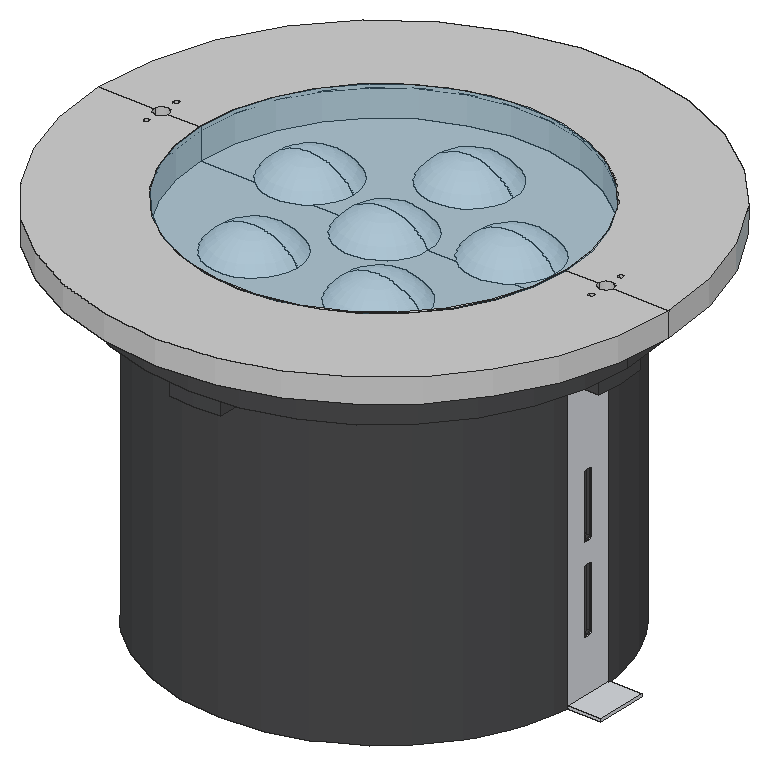
Revit family "INGROUND 18W SIMETRICA_EM18SW.1.9", category Luminarias, Revit 2019
Family settings
  Cota de conector redondo = Diámetro de uso
  Tipo de pieza = Normal
  Se basa en plano de trabajo = Sí
  Siempre vertical = No
  Corte con vacíos al cargar = No
  Origen de luz = Sí
  Compartido = No
  Punto de cálculo de habitación = No
Parameters (values of type "EMP_EM18SW.1.9")
  Ángulo de inclinación = 105.00°
  Zone [instance] = ""
  Watt per fixture = 18.6
  Wattage = 18.6 W
  built-in parameter 1150107 = 3000 (stored number, unit not read)
  built-in parameter 1150110 = 1 (stored number, unit not read)
  built-in parameter 1150109 = 1 (stored number, unit not read)
  built-in parameter 1150112 = 1 (stored number, unit not read)
  built-in parameter 1150113 = 1 (stored number, unit not read)
  built-in parameter 1114218 = 1 (stored number, unit not read)
  Keynote = ""
  built-in parameter 1150137 = (empty or 0)
  built-in parameter 1150132 = (empty or 0)
  Modelo = "EM18SW.1.9"
  Lámpara = "NICHIA"
  built-in parameter 1150105 = 127.72 (stored number, unit not read)
  built-in parameter 1150102 = (empty or 0)
  built-in parameter 1150106 = 1.2772 (stored number, unit not read)
  Lumens = 1604.99 lm
  Color Filter = 16777215
  built-in parameter 1114217 = 1 (stored number, unit not read)
  built-in parameter 1150139 = (empty or 0)
  Fabricante = "BRILLANT"
  Default Elevation = 0 mm
  built-in parameter 1150104 = 8.0166 (stored number, unit not read)
  Descripción = "LUMINARIA TIPO CIRCULAR PARA EMPOTRAR EN PISO CON CUERPO DE ALUMINIO FUNDIDO A PRESION CUBIERTO CON POLVO GRIS OSCURO, CON CUBIERTA DE ACERO INOXIDABLE Y VIDRIO TEMPLADO DE 8MM, HOUSING TIPO ABS DE 171.5MM DE DIAMETRO Y 123.6MM DE PROFUNDO. CUENTA CON 6 LED TIPO NICHIA CON UNA POTENCIA TOTAL DE 18.6W, A UNA TEMPERATURA EN BLANCO CALIDO 3000K CON 1605 LUMENES, 156mA EN CORRIENTE DE OPERACIÓN, IP67, IK09, IRC 80, DISPONIBLE PARA ATENUAR EN TRIAC (OPCIONAL), APERTURA EN 9 GRADOS POR PROYECTO, ALIMENTADA A 100-277V"
  built-in parameter 1150115 = 1 (stored number, unit not read)
  built-in parameter 1150114 = 1 (stored number, unit not read)
  Comentarios de vataje = "100-277V"
  built-in parameter 1150138 = (empty or 0)
  built-in parameter 1150134 = (empty or 0)
  Circuit [instance] = ""
  Dimming Lamp Color Temperature Shift = (empty or 0)
  Archivo de red fotométrica = "EM18SW.1.ies"
  built-in parameter 1150133 = 10 (stored number, unit not read)
Reference planes
  plane 1 "Centro (Frontal/Posterior)": y = 0
  plane 2: z = 0
  plane 3 "Centro (Izquierda/Derecha)": x = 0
  plane 4: z = -123.6
  plane 5: x = -653.678
  plane 6: x = 600
  plane 7: x = -90
  plane 8: x = 90
  plane 9: x = -78
  plane 10: x = 78
Forms (mm)
  Revolve 1, solid, material "Acero Inoxidable"
    sketch origin (0, 0, 0) x (1, 0, 0) y (0, 0, 1)
      loop
        line (-64.334, 7.629) -> (-100, 7.629) -> (-100, -0.88) -> (-72.479, -0.88) -> (-72.479, -12.767) -> (-57.479, -12.767) -> (-57.479, -60) -> (0, -60) -> (0, -3.134) -> (-64.334, -3.134) -> (-64.334, 7.629)
      axis (0, 7.629) -> (0, -60)
    angle from 0 to 360
  Extrusion 2, solid, material "Cristal"
    sketch origin (0, 0, 0) x (1, 0, 0) y (0, 1, 0)
      loop
        circle (0, 0) r 64.334
    from 6.498 to 7.824
  Extrusion 3, solid, material "Plastico"
    sketch origin (0, 0, 0) x (1, 0, 0) y (0, 1, 0)
      loop
        circle (0, 0) r 10
    from -75.376 to -67.99
  Extrusion 4, solid, material "Cobre"
    sketch origin (0, 0, 0) x (1, 0, 0) y (0, 1, 0)
      loop
        line (12.101, 0) -> (6.051, 10.48) -> (-6.051, 10.48) -> (-12.101, 0) -> (-6.051, -10.48) -> (6.051, -10.48) -> (12.101, 0)
    from -67.99 to -60
  Revolve 5, solid, material "Plastico"
    sketch origin (0, 0, 0) x (1, 0, 0) y (0, 0, 1)
      loop
        line (-85.75, -0.88) -> (-85.75, -15.267) -> (-72.423, -15.267) -> (-72.423, -123.6) -> (0, -123.6) -> (0, -121.1) -> (-69.88, -121.1) -> (-69.88, -12.767) -> (-83.293, -12.767) -> (-83.293, -0.88) -> (-85.75, -0.88)
      axis (0, -0.88) -> (0, -123.6)
    angle from 0 to 360
  Extrusion 6, solid, material "Plastico"
    sketch origin (0, 0, 0) x (1, 0, 0) y (0, 1, 0)
      loop
        line (-9, -71.918) -> (-9, -82.576)
        arc (-9, -82.576) -> (-0.003, -83.209) -> (9, -82.666) r 69.169
        line (9, -82.666) -> (9, -71.918)
        arc (9, -71.918) -> (0, -72.479) -> (-9, -71.918) r 72.479
      loop
        arc (-9, 71.918) -> (0, 72.479) -> (9, 71.918) r 72.479
        line (9, 71.918) -> (9, 82.666)
        arc (9, 82.666) -> (-0.003, 83.209) -> (-9, 82.576) r 69.169
        line (-9, 82.576) -> (-9, 71.918)
      loop
        line (71.917, -8.997) -> (82.575, -8.997)
        arc (82.575, -8.997) -> (83.209, 0) -> (82.666, 9.003) r 69.169
        line (82.666, 9.003) -> (71.917, 9.003)
        arc (71.917, 9.003) -> (72.478, 0.003) -> (71.917, -8.997) r 72.479
      loop
        arc (-71.917, -8.997) -> (-72.478, 0.003) -> (-71.917, 9.003) r 72.479
        line (-71.917, 9.003) -> (-82.666, 9.003)
        arc (-82.666, 9.003) -> (-83.209, 0) -> (-82.575, -8.997) r 69.169
        line (-82.575, -8.997) -> (-71.917, -8.997)
    from -21.197 to -15.267
  Extrusion 7, void
    sketch origin (0, 0, 0) x (1, 0, 0) y (0, 1, 0)
      loop
        line (-74.25, 9.003) -> (-74.25, -8.997) -> (-70.806, -8.997) -> (-70.806, 9.003) -> (-74.25, 9.003)
      loop
        line (74.25, 9.003) -> (70.806, 9.003) -> (70.806, -8.997) -> (74.25, -8.997) -> (74.25, 9.003)
    from -123.6 to -21.197
  Extrusion 8, void
    sketch origin (0, 0, 0) x (1, 0, 0) y (0, 1, 0)
      loop
        circle (-78, 6.504) r 0.895
      loop
        circle (-78, 0) r 2.557
      loop
        circle (-78, -6.504) r 0.895
      loop
        circle (78, 6.504) r 0.895
      loop
        circle (78, 0) r 2.557
      loop
        circle (78, -6.504) r 0.895
    from -3.838 to 7.824
  Revolve 9, solid
    sketch origin (31.265, 37.192, -3.091) x (-1, 0, 0) y (0, 0, 1)
      loop
        line (31.083, 0) -> (46.481, 0)
        arc (46.481, 0) -> (39.824, 6.053) -> (31.083, 8.187) r 18.242
        line (31.083, 8.187) -> (31.083, 0)
      axis (31.083, 8.187) -> (31.083, 0)
    angle from 0 to 360
  Extrusion 10, solid
    sketch origin (0, 0, 0) x (1, 0, 0) y (0, 0, 1)
      loop
        line (-70.806, -21.197) -> (-71.606, -21.197) -> (-71.606, -122.8) -> (-83.232, -122.8) -> (-83.232, -123.6) -> (-70.806, -123.6) -> (-70.806, -21.197)
      loop
        line (70.806, -21.197) -> (70.806, -123.6) -> (83.232, -123.6) -> (83.232, -122.8) -> (71.606, -122.8) -> (71.606, -21.197) -> (70.806, -21.197)
    from -9.003 to 8.997
  Extrusion 11, void
    sketch origin (0, 0, 0) x (0, 1, 0) y (0, 0, 1)
      loop
        line (1.004, -51.93) -> (-1.004, -51.93)
        arc (-1.004, -51.93) -> (-1.62, -52.185) -> (-1.875, -52.801) r 0.871
        line (-1.875, -52.801) -> (-1.875, -73.895)
        arc (-1.875, -73.895) -> (-1.62, -74.511) -> (-1.004, -74.766) r 0.871
        line (-1.004, -74.766) -> (1.004, -74.766)
        arc (1.004, -74.766) -> (1.62, -74.511) -> (1.875, -73.895) r 0.871
        line (1.875, -73.895) -> (1.875, -52.801)
        arc (1.875, -52.801) -> (1.62, -52.185) -> (1.004, -51.93) r 0.871
      loop
        line (1.004, -81.93) -> (-1.004, -81.93)
        arc (-1.004, -81.93) -> (-1.62, -82.185) -> (-1.875, -82.801) r 0.871
        line (-1.875, -82.801) -> (-1.875, -103.895)
        arc (-1.875, -103.895) -> (-1.62, -104.511) -> (-1.004, -104.766) r 0.871
        line (-1.004, -104.766) -> (1.004, -104.766)
        arc (1.004, -104.766) -> (1.62, -104.511) -> (1.875, -103.895) r 0.871
        line (1.875, -103.895) -> (1.875, -82.801)
        arc (1.875, -82.801) -> (1.62, -82.185) -> (1.004, -81.93) r 0.871
    from -74.158 to -68.356
  Extrusion 12, void
    sketch origin (0, 0, 0) x (0, 1, 0) y (0, 0, -1)
      loop
        arc (1.004, 51.93) -> (1.62, 52.185) -> (1.875, 52.801) r 0.871
        line (1.875, 52.801) -> (1.875, 73.895)
        arc (1.875, 73.895) -> (1.62, 74.511) -> (1.004, 74.766) r 0.871
        line (1.004, 74.766) -> (-1.004, 74.766)
        arc (-1.004, 74.766) -> (-1.62, 74.511) -> (-1.875, 73.895) r 0.871
        line (-1.875, 73.895) -> (-1.875, 52.801)
        arc (-1.875, 52.801) -> (-1.62, 52.185) -> (-1.004, 51.93) r 0.871
        line (-1.004, 51.93) -> (1.004, 51.93)
      loop
        arc (1.004, 81.93) -> (1.62, 82.185) -> (1.875, 82.801) r 0.871
        line (1.875, 82.801) -> (1.875, 103.895)
        arc (1.875, 103.895) -> (1.62, 104.511) -> (1.004, 104.766) r 0.871
        line (1.004, 104.766) -> (-1.004, 104.766)
        arc (-1.004, 104.766) -> (-1.62, 104.511) -> (-1.875, 103.895) r 0.871
        line (-1.875, 103.895) -> (-1.875, 82.801)
        arc (-1.875, 82.801) -> (-1.62, 82.185) -> (-1.004, 81.93) r 0.871
        line (-1.004, 81.93) -> (1.004, 81.93)
    from -74.158 to -68.356
  Revolve 13, solid
    sketch origin (66.637, 11.493, -3.091) x (-1, 0, 0) y (0, 0, 1)
      loop
        line (31.083, 0) -> (46.481, 0)
        arc (46.481, 0) -> (39.824, 6.053) -> (31.083, 8.187) r 18.242
        line (31.083, 8.187) -> (31.083, 0)
      axis (31.083, 8.187) -> (31.083, 0)
    angle from 0 to 360
  Revolve 14, solid
    sketch origin (53.126, -30.089, -3.091) x (-1, 0, 0) y (0, 0, 1)
      loop
        line (31.083, 0) -> (46.481, 0)
        arc (46.481, 0) -> (39.824, 6.053) -> (31.083, 8.187) r 18.242
        line (31.083, 8.187) -> (31.083, 0)
      axis (31.083, 8.187) -> (31.083, 0)
    angle from 0 to 360
  Revolve 15, solid
    sketch origin (9.405, -30.089, -3.091) x (-1, 0, 0) y (0, 0, 1)
      loop
        line (31.083, 0) -> (46.481, 0)
        arc (46.481, 0) -> (39.824, 6.053) -> (31.083, 8.187) r 18.242
        line (31.083, 8.187) -> (31.083, 0)
      axis (31.083, 8.187) -> (31.083, 0)
    angle from 0 to 360
  Revolve 16, solid
    sketch origin (-4.106, 11.493, -3.091) x (-1, 0, 0) y (0, 0, 1)
      loop
        line (31.083, 0) -> (46.481, 0)
        arc (46.481, 0) -> (39.824, 6.053) -> (31.083, 8.187) r 18.242
        line (31.083, 8.187) -> (31.083, 0)
      axis (31.083, 8.187) -> (31.083, 0)
    angle from 0 to 360
  Revolve 17, solid
    sketch origin (31.265, 0, -3.091) x (-1, 0, 0) y (0, 0, 1)
      loop
        line (31.083, 0) -> (46.481, 0)
        arc (46.481, 0) -> (39.824, 6.053) -> (31.083, 8.187) r 18.242
        line (31.083, 8.187) -> (31.083, 0)
      axis (31.083, 8.187) -> (31.083, 0)
    angle from 0 to 360
Cuts and joins
  Extrusion 7, Extrusion 12 cuts Revolve 5
  Extrusion 7, Extrusion 8, Extrusion 11 cuts Revolve 1
  Extrusion 11 cuts Extrusion 3
  Extrusion 11 cuts Extrusion 4
  Extrusion 11, Extrusion 12 cuts Extrusion 10
Dimensions and locks
  plane 2 to plane 4 = 123.6 mm
  level to plane 4 = 123.6 mm
  equal spacing: plane 7, plane 3 "Centro (Izquierda/Derecha)", plane 8
  plane 7 to plane 3 "Centro (Izquierda/Derecha)" = 90 mm
  plane 7 to plane 8 = 180 mm
  level to Extrusion 3 = 75.376 mm
  plane 8 to plane 7 = 180 mm
  equal spacing: plane 10, plane 3 "Centro (Izquierda/Derecha)", plane 9
  plane 3 "Centro (Izquierda/Derecha)" to plane 9 = 78 mm
  plane 10 to plane 9 = 156 mm
  plane 3 "Centro (Izquierda/Derecha)" to Revolve 5 sketch curve = 85.75 mm
  Revolve 1 sketch curve to Revolve 1 sketch curve = 100 mm
  aligned and locked: level to plane 2
Automatic sketch dimensions
  Revolve 1 sketch curve to plane 3 "Centro (Izquierda/Derecha)" = 0 mm  (x2)
  Revolve 1 sketch curve to level = 0.88 mm
  plane 9 to Revolve 1 sketch curve = 5.521 mm
  Revolve 1 sketch curve to level = 3.134 mm
  Revolve 1 sketch curve to Revolve 1 sketch curve = 8.145 mm
  Revolve 1 sketch curve to Revolve 1 sketch curve = 6.855 mm
  Revolve 1 sketch curve to Revolve 1 sketch curve = 9.634 mm
  Revolve 1 sketch curve to Revolve 1 sketch curve = 56.866 mm
  level to Revolve 1 sketch curve = 7.629 mm
  Revolve 1 sketch curve to Revolve 1 sketch curve = 17 mm
  level to Revolve 1 sketch curve = 40 mm
  plane 1 "Centro (Frontal/Posterior)" to Extrusion 2 sketch curve = 0 mm
  Extrusion 2 sketch curve to plane 3 "Centro (Izquierda/Derecha)" = 0 mm
  plane 1 "Centro (Frontal/Posterior)" to Extrusion 3 sketch curve = 0 mm
  Extrusion 3 sketch curve to plane 3 "Centro (Izquierda/Derecha)" = 0 mm
  Revolve 5 sketch curve to plane 4 = 0 mm
  Revolve 5 sketch curve to plane 3 "Centro (Izquierda/Derecha)" = 0 mm  (x2)
  Revolve 5 sketch curve to Revolve 5 sketch curve = 2.457 mm
  plane 9 to Revolve 5 sketch curve = 5.577 mm
  Revolve 5 sketch curve to Revolve 5 sketch curve = 2.544 mm
  plane 4 to Revolve 5 sketch curve = 2.5 mm
  Revolve 5 sketch curve to level = 15.267 mm
  Revolve 5 sketch curve to Revolve 5 sketch curve = 2.5 mm
  Revolve 5 sketch curve to level = 0.88 mm
  Revolve 5 sketch curve to plane 4 = 33.38 mm
  level to Revolve 5 sketch curve = 26.62 mm
  Extrusion 6 sketch curve to Extrusion 6 sketch curve = 0 mm  (x2)
  plane 1 "Centro (Frontal/Posterior)" to Extrusion 6 sketch curve = 0 mm
  Extrusion 6 sketch curve to plane 3 "Centro (Izquierda/Derecha)" = 0 mm  (x2)
  Extrusion 6 sketch curve to plane 3 "Centro (Izquierda/Derecha)" = 9 mm  (x2)
  Extrusion 6 sketch curve to plane 1 "Centro (Frontal/Posterior)" = 0.349 mm  (x2)
  Extrusion 6 sketch curve to plane 3 "Centro (Izquierda/Derecha)" = 14.041 mm
  plane 9 to Extrusion 6 sketch curve = 6.083 mm  (x2)
  Extrusion 6 sketch curve to plane 9 = 4.575 mm
  Extrusion 6 sketch curve to plane 9 = 4.666 mm
  plane 3 "Centro (Izquierda/Derecha)" to Extrusion 6 sketch curve = 0 mm
  plane 3 "Centro (Izquierda/Derecha)" to Extrusion 6 sketch curve = 0.346 mm  (x2)
  plane 3 "Centro (Izquierda/Derecha)" to Extrusion 6 sketch curve = 9 mm  (x2)
  plane 3 "Centro (Izquierda/Derecha)" to Extrusion 6 sketch curve = 14.041 mm
  Extrusion 6 sketch curve to plane 10 = 6.083 mm  (x2)
  plane 10 to Extrusion 6 sketch curve = 4.575 mm
  plane 10 to Extrusion 6 sketch curve = 4.666 mm
  plane 1 "Centro (Frontal/Posterior)" to Extrusion 6 sketch curve = 8.997 mm  (x2)
  plane 1 "Centro (Frontal/Posterior)" to Extrusion 6 sketch curve = 14.041 mm
  Extrusion 6 sketch curve to Extrusion 6 sketch curve = 57.877 mm  (x2)
  Extrusion 6 sketch curve to Extrusion 6 sketch curve = 10.658 mm  (x2)
  Extrusion 6 sketch curve to plane 1 "Centro (Frontal/Posterior)" = 14.041 mm
  plane 9 to Extrusion 7 sketch curve = 3.75 mm
  Extrusion 7 sketch curve to Extrusion 7 sketch curve = 3.444 mm  (x2)
  Extrusion 7 sketch curve to plane 10 = 7.194 mm
  plane 1 "Centro (Frontal/Posterior)" to Extrusion 7 sketch curve = 8.997 mm  (x2)
  Extrusion 7 sketch curve to plane 1 "Centro (Frontal/Posterior)" = 9.003 mm  (x2)
  plane 1 "Centro (Frontal/Posterior)" to Extrusion 8 sketch curve = 0 mm  (x2)
  Extrusion 8 sketch curve to plane 9 = 0 mm  (x3)
  Extrusion 8 sketch curve to plane 10 = 0 mm  (x3)
  plane 1 "Centro (Frontal/Posterior)" to Extrusion 8 sketch curve = 6.504 mm  (x2)
  Extrusion 8 sketch curve to plane 1 "Centro (Frontal/Posterior)" = 6.504 mm  (x2)
  plane 3 "Centro (Izquierda/Derecha)" to Revolve 9 sketch curve = 0.182 mm  (x2)
  plane 3 "Centro (Izquierda/Derecha)" to Revolve 9 sketch curve = 0.006 mm
  Revolve 9 sketch curve to level = 3.091 mm
  Revolve 9 sketch curve to plane 3 "Centro (Izquierda/Derecha)" = 15.216 mm
  Revolve 9 sketch curve to Revolve 9 sketch curve = 10.054 mm
  Revolve 9 sketch curve to Revolve 9 sketch curve = 1.925 mm
  Revolve 9 sketch curve to Revolve 9 sketch curve = 3.67 mm
  Extrusion 10 sketch curve to plane 4 = 0 mm  (x2)
  plane 4 to Extrusion 10 sketch curve = 0.8 mm  (x2)
  Extrusion 10 sketch curve to plane 9 = 5.232 mm
  plane 9 to Extrusion 10 sketch curve = 6.394 mm
  Extrusion 10 sketch curve to Extrusion 10 sketch curve = 0.8 mm  (x2)
  Extrusion 10 sketch curve to plane 10 = 7.194 mm
  plane 10 to Extrusion 10 sketch curve = 5.232 mm
  Extrusion 10 sketch curve to level = 21.197 mm  (x2)
  plane 1 "Centro (Frontal/Posterior)" to Extrusion 11 sketch curve = 1.875 mm  (x2)
  Extrusion 11 sketch curve to Extrusion 11 sketch curve = 0.871 mm  (x4)
  plane 1 "Centro (Frontal/Posterior)" to Extrusion 11 sketch curve = 1.004 mm  (x2)
  Extrusion 11 sketch curve to plane 1 "Centro (Frontal/Posterior)" = 1.004 mm  (x4)
  plane 4 to Extrusion 11 sketch curve = 18.834 mm
  Extrusion 11 sketch curve to Extrusion 11 sketch curve = 21.095 mm  (x2)
  Extrusion 11 sketch curve to Extrusion 11 sketch curve = 7.164 mm
  plane 1 "Centro (Frontal/Posterior)" to Extrusion 12 sketch curve = 1.875 mm  (x2)
  Extrusion 12 sketch curve to Extrusion 12 sketch curve = 0.871 mm  (x4)
  plane 1 "Centro (Frontal/Posterior)" to Extrusion 12 sketch curve = 1.004 mm  (x2)
  Extrusion 12 sketch curve to plane 1 "Centro (Frontal/Posterior)" = 1.004 mm  (x4)
  Extrusion 12 sketch curve to level = 51.93 mm
  Extrusion 12 sketch curve to Extrusion 12 sketch curve = 21.095 mm
  Extrusion 12 sketch curve to Extrusion 12 sketch curve = 7.164 mm
  plane 4 to Extrusion 12 sketch curve = 19.705 mm
  Revolve 13 sketch curve to level = 3.091 mm
  plane 3 "Centro (Izquierda/Derecha)" to Revolve 13 sketch curve = 35.554 mm
  Revolve 13 sketch curve to Revolve 13 sketch curve = 0.176 mm
  Revolve 13 sketch curve to Revolve 13 sketch curve = 15.398 mm
  Revolve 13 sketch curve to Revolve 13 sketch curve = 10.054 mm
  Revolve 13 sketch curve to Revolve 13 sketch curve = 0 mm
  Revolve 13 sketch curve to Revolve 13 sketch curve = 1.925 mm
  Revolve 13 sketch curve to Revolve 13 sketch curve = 3.67 mm
  Revolve 14 sketch curve to level = 3.091 mm
  plane 3 "Centro (Izquierda/Derecha)" to Revolve 14 sketch curve = 22.043 mm
  Revolve 14 sketch curve to Revolve 14 sketch curve = 0.176 mm
  plane 3 "Centro (Izquierda/Derecha)" to Revolve 14 sketch curve = 6.645 mm
  Revolve 14 sketch curve to Revolve 14 sketch curve = 10.054 mm
  Revolve 14 sketch curve to Revolve 14 sketch curve = 0 mm
  Revolve 14 sketch curve to Revolve 14 sketch curve = 1.925 mm
  Revolve 14 sketch curve to Revolve 14 sketch curve = 3.67 mm
  Revolve 15 sketch curve to level = 3.091 mm
  Revolve 15 sketch curve to plane 3 "Centro (Izquierda/Derecha)" = 21.679 mm
  Revolve 15 sketch curve to Revolve 15 sketch curve = 0.176 mm
  Revolve 15 sketch curve to Revolve 15 sketch curve = 15.398 mm
  Revolve 15 sketch curve to Revolve 15 sketch curve = 10.054 mm
  Revolve 15 sketch curve to Revolve 15 sketch curve = 0 mm
  Revolve 15 sketch curve to Revolve 15 sketch curve = 1.925 mm
  Revolve 15 sketch curve to Revolve 15 sketch curve = 3.67 mm
  Revolve 16 sketch curve to level = 3.091 mm
  Revolve 16 sketch curve to plane 3 "Centro (Izquierda/Derecha)" = 35.19 mm
  Revolve 16 sketch curve to Revolve 16 sketch curve = 0.176 mm
  Revolve 16 sketch curve to Revolve 16 sketch curve = 15.398 mm
  Revolve 16 sketch curve to Revolve 16 sketch curve = 10.054 mm
  Revolve 16 sketch curve to Revolve 16 sketch curve = 0 mm
  Revolve 16 sketch curve to Revolve 16 sketch curve = 1.925 mm
  Revolve 16 sketch curve to Revolve 16 sketch curve = 3.67 mm
  plane 3 "Centro (Izquierda/Derecha)" to Revolve 17 sketch curve = 0.182 mm  (x2)
  plane 3 "Centro (Izquierda/Derecha)" to Revolve 17 sketch curve = 0.006 mm
  Revolve 17 sketch curve to level = 3.091 mm
  Revolve 17 sketch curve to plane 3 "Centro (Izquierda/Derecha)" = 15.216 mm
  Revolve 17 sketch curve to Revolve 17 sketch curve = 10.054 mm
  Revolve 17 sketch curve to Revolve 17 sketch curve = 1.925 mm
  Revolve 17 sketch curve to Revolve 17 sketch curve = 3.67 mm
  radius of Extrusion 2 sketch curve = 64.334 mm
  radius of Extrusion 3 sketch curve = 10 mm
  radius of Extrusion 8 sketch curve = 0.895 mm  (x4)
  radius of Extrusion 8 sketch curve = 2.557 mm  (x2)
Connectors
  electrical at (0, 0, -121.1)
    settings: on cut or joined group of Revolve 5, Extrusion 7, Extrusion 12, index 1, voltage 277 V, apparent load 0 VA, apparent load phase1 0 VA, apparent load phase2 0 VA, apparent load phase3 0 VA, power factor 1, load classification "Otro", number of poles 1, system type 31, power factor state 1, is connector primary yes, connector utility no, sub classification motor no, connector description ""
